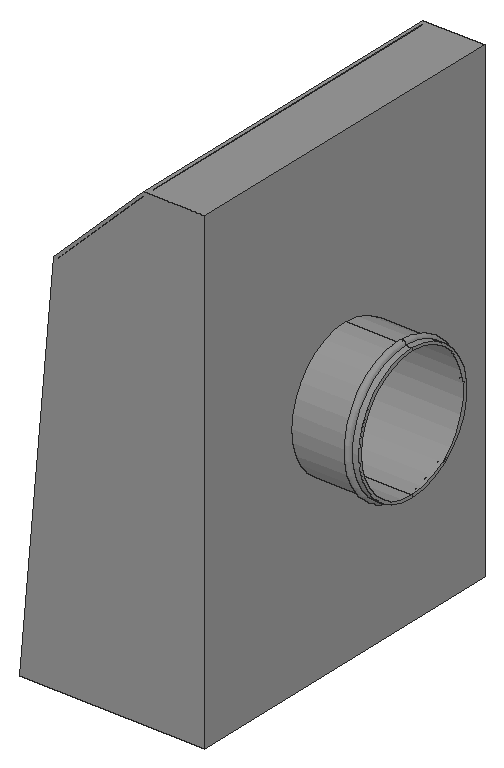
Revit family "ВЦН_ЕС_Eng", category Mechanical Equipment, Revit 2021
Family settings
  Round Connector Dimension = Use Diameter
  Classification = None
  Part Type = Normal
  Work Plane-Based = No
  Always vertical = Yes
  Cut with Voids When Loaded = No
  Shared = No
  Room Calculation Point = No
Parameters (values of type "VCN 100")
  Width = L  # 138 mm
  Weight = 3.82 kg
  Voltage = if(Number of Fase = 3, 400 V, 230 V)  # 230 V
  Temperature of moving air = "55 °C"
  Sound pressure level at 3 m distance = "54 dBA"
  Pressure_Static_Air [instance] = 0.0 Pa
  Power = 71 W
  Number of Fase = 1
  Maximum Air Flow = 325.0 m³/h
  Load Classification = "HVAC"
  Length = B  # 260 mm
  Height = H  # 355 mm
  Frequency = 50 Hz
  Diameter = D  # 100 mm
  Default Elevation = 0 mm
  Description = "External wall mounting"  # constant formula
  Manufacturer = "Vents"  # constant formula
  Horizon = if(L > 140 mm, (L - 32 mm) / 12 mm - 4, (L - 32 mm) / 12 mm)  # 9
  Vertical = (B1 - 28 mm) / (2 mm * 12)  # 10
  h = H / 2  # 177.5 mm
  b1 = B1 / 2  # 128 mm
  URL = "https://ventilation-system.com/series/vcn"
  R3 = R + 1.5 mm  # 51.5 mm
  R1 = R * 1.3  # 65 mm
  R = D / 2  # 50 mm
  Maintenance zone material = none
  L2 = L1 * 2  # 92 mm
  L1 = L / 3  # 46 mm
  L = 138 mm
  H = 355 mm
  Casing Material = Metal, painted, blue, matte RAL 5007
  D = 100 mm
  B1 = B - 4 mm  # 256 mm
  B = 260 mm
  Apparent Load = Voltage * Amperage  # 71.3 VA
  Amperage = 0.31 A
  Air Flow [instance] = 0.0 m³/h
  09_System_Name [instance] = ""
  00_20_Type = "VCN 100"
  00_20_Name = "Exhaust centrifugal fan"  # constant formula
  00_20_Manufacturer = "Vents"  # constant formula
Reference planes
  plane 1 "По центру (Вперед/Назад)": y = 0
  plane 2: z = 0
  plane 3 "По центру (Влево/Вправо)": x = 0
  plane 4: x = -138
  plane 5: z = 355
  plane 6: z = 177.5
Forms (mm)
  Extrusion 1, solid, material "Metal, painted, blue, matte RAL 5007" <- "Casing Material"
    sketch origin (0, 0, 0) x (1, 0, 0) y (0, 0, 1)
      loop
        line (0, 0) -> (0, 355) -> (-46, 355) -> (-112.784, 288.216) -> (-138, 0) -> (0, 0)
    from -130 to 130
  Extrusion 2, void
    sketch origin (0, 0, 0) x (1, 0, 0) y (0, 0, 1)
      loop
        line (-2, 2) -> (-2, 353) -> (-45.172, 353) -> (-110.855, 287.316) -> (-135.817, 2) -> (-2, 2)
    from -128 to 128
  Extrusion 3, void
    sketch origin (0, 0, 0) x (1, 0, 0) y (0, 1, 0)
      loop
        line (-121.082, 1) -> (-111.082, 1) -> (-111.082, 11) -> (-121.082, 11) -> (-121.082, 1)
    from 0 to 2
  Extrusion 4, void
    sketch origin (0, 12, 0) x (1, 0, 0) y (0, 1, 0)
      loop
        line (-121.082, 1) -> (-111.082, 1) -> (-111.082, 11) -> (-121.082, 11) -> (-121.082, 1)
    from 0 to 2
  Extrusion 5, void
    sketch origin (0, 24, 0) x (1, 0, 0) y (0, 1, 0)
      loop
        line (-121.082, 1) -> (-111.082, 1) -> (-111.082, 11) -> (-121.082, 11) -> (-121.082, 1)
    from 0 to 2
  Extrusion 6, void
    sketch origin (0, 36, 0) x (1, 0, 0) y (0, 1, 0)
      loop
        line (-121.082, 1) -> (-111.082, 1) -> (-111.082, 11) -> (-121.082, 11) -> (-121.082, 1)
    from 0 to 2
  Extrusion 7, void
    sketch origin (0, 48, 0) x (1, 0, 0) y (0, 1, 0)
      loop
        line (-121.082, 1) -> (-111.082, 1) -> (-111.082, 11) -> (-121.082, 11) -> (-121.082, 1)
    from 0 to 2
  Extrusion 8, void
    sketch origin (0, 60, 0) x (1, 0, 0) y (0, 1, 0)
      loop
        line (-121.082, 1) -> (-111.082, 1) -> (-111.082, 11) -> (-121.082, 11) -> (-121.082, 1)
    from 0 to 2
  Extrusion 9, void
    sketch origin (0, 72, 0) x (1, 0, 0) y (0, 1, 0)
      loop
        line (-121.082, 1) -> (-111.082, 1) -> (-111.082, 11) -> (-121.082, 11) -> (-121.082, 1)
    from 0 to 2
  Extrusion 10, void
    sketch origin (0, 84, 0) x (1, 0, 0) y (0, 1, 0)
      loop
        line (-121.082, 1) -> (-111.082, 1) -> (-111.082, 11) -> (-121.082, 11) -> (-121.082, 1)
    from 0 to 2
  Extrusion 11, void
    sketch origin (0, 96, 0) x (1, 0, 0) y (0, 1, 0)
      loop
        line (-121.082, 1) -> (-111.082, 1) -> (-111.082, 11) -> (-121.082, 11) -> (-121.082, 1)
    from 0 to 2
  Extrusion 12, void, not visible
    sketch origin (0, 0, 0) x (1, 0, 0) y (0, 1, 0)
      loop
        line (-121.082, 1) -> (-111.082, 1) -> (-111.082, 11) -> (-121.082, 11) -> (-121.082, 1)
    from 0 to 2
  Extrusion 13, void
    sketch origin (12, 0, 0) x (1, 0, 0) y (0, 1, 0)
      loop
        line (-121.082, 1) -> (-111.082, 1) -> (-111.082, 11) -> (-121.082, 11) -> (-121.082, 1)
    from 0 to 2
  Extrusion 14, void
    sketch origin (12, 12, 0) x (1, 0, 0) y (0, 1, 0)
      loop
        line (-121.082, 1) -> (-111.082, 1) -> (-111.082, 11) -> (-121.082, 11) -> (-121.082, 1)
    from 0 to 2
  Extrusion 15, void
    sketch origin (12, 24, 0) x (1, 0, 0) y (0, 1, 0)
      loop
        line (-121.082, 1) -> (-111.082, 1) -> (-111.082, 11) -> (-121.082, 11) -> (-121.082, 1)
    from 0 to 2
  Extrusion 16, void
    sketch origin (12, 36, 0) x (1, 0, 0) y (0, 1, 0)
      loop
        line (-121.082, 1) -> (-111.082, 1) -> (-111.082, 11) -> (-121.082, 11) -> (-121.082, 1)
    from 0 to 2
  Extrusion 17, void
    sketch origin (12, 48, 0) x (1, 0, 0) y (0, 1, 0)
      loop
        line (-121.082, 1) -> (-111.082, 1) -> (-111.082, 11) -> (-121.082, 11) -> (-121.082, 1)
    from 0 to 2
  Extrusion 18, void
    sketch origin (12, 60, 0) x (1, 0, 0) y (0, 1, 0)
      loop
        line (-121.082, 1) -> (-111.082, 1) -> (-111.082, 11) -> (-121.082, 11) -> (-121.082, 1)
    from 0 to 2
  Extrusion 19, void
    sketch origin (12, 72, 0) x (1, 0, 0) y (0, 1, 0)
      loop
        line (-121.082, 1) -> (-111.082, 1) -> (-111.082, 11) -> (-121.082, 11) -> (-121.082, 1)
    from 0 to 2
  Extrusion 20, void
    sketch origin (12, 84, 0) x (1, 0, 0) y (0, 1, 0)
      loop
        line (-121.082, 1) -> (-111.082, 1) -> (-111.082, 11) -> (-121.082, 11) -> (-121.082, 1)
    from 0 to 2
  Extrusion 21, void
    sketch origin (12, 96, 0) x (1, 0, 0) y (0, 1, 0)
      loop
        line (-121.082, 1) -> (-111.082, 1) -> (-111.082, 11) -> (-121.082, 11) -> (-121.082, 1)
    from 0 to 2
  Extrusion 22, void
    sketch origin (24, 0, 0) x (1, 0, 0) y (0, 1, 0)
      loop
        line (-121.082, 1) -> (-111.082, 1) -> (-111.082, 11) -> (-121.082, 11) -> (-121.082, 1)
    from 0 to 2
  Extrusion 23, void
    sketch origin (24, 12, 0) x (1, 0, 0) y (0, 1, 0)
      loop
        line (-121.082, 1) -> (-111.082, 1) -> (-111.082, 11) -> (-121.082, 11) -> (-121.082, 1)
    from 0 to 2
  Extrusion 24, void
    sketch origin (24, 24, 0) x (1, 0, 0) y (0, 1, 0)
      loop
        line (-121.082, 1) -> (-111.082, 1) -> (-111.082, 11) -> (-121.082, 11) -> (-121.082, 1)
    from 0 to 2
  Extrusion 25, void
    sketch origin (24, 36, 0) x (1, 0, 0) y (0, 1, 0)
      loop
        line (-121.082, 1) -> (-111.082, 1) -> (-111.082, 11) -> (-121.082, 11) -> (-121.082, 1)
    from 0 to 2
  Extrusion 26, void
    sketch origin (24, 48, 0) x (1, 0, 0) y (0, 1, 0)
      loop
        line (-121.082, 1) -> (-111.082, 1) -> (-111.082, 11) -> (-121.082, 11) -> (-121.082, 1)
    from 0 to 2
  Extrusion 27, void
    sketch origin (24, 60, 0) x (1, 0, 0) y (0, 1, 0)
      loop
        line (-121.082, 1) -> (-111.082, 1) -> (-111.082, 11) -> (-121.082, 11) -> (-121.082, 1)
    from 0 to 2
  Extrusion 28, void
    sketch origin (24, 72, 0) x (1, 0, 0) y (0, 1, 0)
      loop
        line (-121.082, 1) -> (-111.082, 1) -> (-111.082, 11) -> (-121.082, 11) -> (-121.082, 1)
    from 0 to 2
  Extrusion 29, void
    sketch origin (24, 84, 0) x (1, 0, 0) y (0, 1, 0)
      loop
        line (-121.082, 1) -> (-111.082, 1) -> (-111.082, 11) -> (-121.082, 11) -> (-121.082, 1)
    from 0 to 2
  Extrusion 30, void
    sketch origin (24, 96, 0) x (1, 0, 0) y (0, 1, 0)
      loop
        line (-121.082, 1) -> (-111.082, 1) -> (-111.082, 11) -> (-121.082, 11) -> (-121.082, 1)
    from 0 to 2
  Extrusion 31, void
    sketch origin (36, 0, 0) x (1, 0, 0) y (0, 1, 0)
      loop
        line (-121.082, 1) -> (-111.082, 1) -> (-111.082, 11) -> (-121.082, 11) -> (-121.082, 1)
    from 0 to 2
  Extrusion 32, void
    sketch origin (36, 12, 0) x (1, 0, 0) y (0, 1, 0)
      loop
        line (-121.082, 1) -> (-111.082, 1) -> (-111.082, 11) -> (-121.082, 11) -> (-121.082, 1)
    from 0 to 2
  Extrusion 33, void
    sketch origin (36, 24, 0) x (1, 0, 0) y (0, 1, 0)
      loop
        line (-121.082, 1) -> (-111.082, 1) -> (-111.082, 11) -> (-121.082, 11) -> (-121.082, 1)
    from 0 to 2
  Extrusion 34, void
    sketch origin (36, 36, 0) x (1, 0, 0) y (0, 1, 0)
      loop
        line (-121.082, 1) -> (-111.082, 1) -> (-111.082, 11) -> (-121.082, 11) -> (-121.082, 1)
    from 0 to 2
  Extrusion 35, void
    sketch origin (36, 48, 0) x (1, 0, 0) y (0, 1, 0)
      loop
        line (-121.082, 1) -> (-111.082, 1) -> (-111.082, 11) -> (-121.082, 11) -> (-121.082, 1)
    from 0 to 2
  Extrusion 36, void
    sketch origin (36, 60, 0) x (1, 0, 0) y (0, 1, 0)
      loop
        line (-121.082, 1) -> (-111.082, 1) -> (-111.082, 11) -> (-121.082, 11) -> (-121.082, 1)
    from 0 to 2
  Extrusion 37, void
    sketch origin (36, 72, 0) x (1, 0, 0) y (0, 1, 0)
      loop
        line (-121.082, 1) -> (-111.082, 1) -> (-111.082, 11) -> (-121.082, 11) -> (-121.082, 1)
    from 0 to 2
  Extrusion 38, void
    sketch origin (36, 84, 0) x (1, 0, 0) y (0, 1, 0)
      loop
        line (-121.082, 1) -> (-111.082, 1) -> (-111.082, 11) -> (-121.082, 11) -> (-121.082, 1)
    from 0 to 2
  Extrusion 39, void
    sketch origin (36, 96, 0) x (1, 0, 0) y (0, 1, 0)
      loop
        line (-121.082, 1) -> (-111.082, 1) -> (-111.082, 11) -> (-121.082, 11) -> (-121.082, 1)
    from 0 to 2
  Extrusion 40, void
    sketch origin (48, 0, 0) x (1, 0, 0) y (0, 1, 0)
      loop
        line (-121.082, 1) -> (-111.082, 1) -> (-111.082, 11) -> (-121.082, 11) -> (-121.082, 1)
    from 0 to 2
  Extrusion 41, void
    sketch origin (48, 12, 0) x (1, 0, 0) y (0, 1, 0)
      loop
        line (-121.082, 1) -> (-111.082, 1) -> (-111.082, 11) -> (-121.082, 11) -> (-121.082, 1)
    from 0 to 2
  Extrusion 42, void
    sketch origin (48, 24, 0) x (1, 0, 0) y (0, 1, 0)
      loop
        line (-121.082, 1) -> (-111.082, 1) -> (-111.082, 11) -> (-121.082, 11) -> (-121.082, 1)
    from 0 to 2
  Extrusion 43, void
    sketch origin (48, 36, 0) x (1, 0, 0) y (0, 1, 0)
      loop
        line (-121.082, 1) -> (-111.082, 1) -> (-111.082, 11) -> (-121.082, 11) -> (-121.082, 1)
    from 0 to 2
  Extrusion 44, void
    sketch origin (48, 48, 0) x (1, 0, 0) y (0, 1, 0)
      loop
        line (-121.082, 1) -> (-111.082, 1) -> (-111.082, 11) -> (-121.082, 11) -> (-121.082, 1)
    from 0 to 2
  Extrusion 45, void
    sketch origin (48, 60, 0) x (1, 0, 0) y (0, 1, 0)
      loop
        line (-121.082, 1) -> (-111.082, 1) -> (-111.082, 11) -> (-121.082, 11) -> (-121.082, 1)
    from 0 to 2
  Extrusion 46, void
    sketch origin (48, 72, 0) x (1, 0, 0) y (0, 1, 0)
      loop
        line (-121.082, 1) -> (-111.082, 1) -> (-111.082, 11) -> (-121.082, 11) -> (-121.082, 1)
    from 0 to 2
  Extrusion 47, void
    sketch origin (48, 84, 0) x (1, 0, 0) y (0, 1, 0)
      loop
        line (-121.082, 1) -> (-111.082, 1) -> (-111.082, 11) -> (-121.082, 11) -> (-121.082, 1)
    from 0 to 2
  Extrusion 48, void
    sketch origin (48, 96, 0) x (1, 0, 0) y (0, 1, 0)
      loop
        line (-121.082, 1) -> (-111.082, 1) -> (-111.082, 11) -> (-121.082, 11) -> (-121.082, 1)
    from 0 to 2
  Extrusion 49, void
    sketch origin (60, 0, 0) x (1, 0, 0) y (0, 1, 0)
      loop
        line (-121.082, 1) -> (-111.082, 1) -> (-111.082, 11) -> (-121.082, 11) -> (-121.082, 1)
    from 0 to 2
  Extrusion 50, void
    sketch origin (60, 12, 0) x (1, 0, 0) y (0, 1, 0)
      loop
        line (-121.082, 1) -> (-111.082, 1) -> (-111.082, 11) -> (-121.082, 11) -> (-121.082, 1)
    from 0 to 2
  Extrusion 51, void
    sketch origin (60, 24, 0) x (1, 0, 0) y (0, 1, 0)
      loop
        line (-121.082, 1) -> (-111.082, 1) -> (-111.082, 11) -> (-121.082, 11) -> (-121.082, 1)
    from 0 to 2
  Extrusion 52, void
    sketch origin (60, 36, 0) x (1, 0, 0) y (0, 1, 0)
      loop
        line (-121.082, 1) -> (-111.082, 1) -> (-111.082, 11) -> (-121.082, 11) -> (-121.082, 1)
    from 0 to 2
  Extrusion 53, void
    sketch origin (60, 48, 0) x (1, 0, 0) y (0, 1, 0)
      loop
        line (-121.082, 1) -> (-111.082, 1) -> (-111.082, 11) -> (-121.082, 11) -> (-121.082, 1)
    from 0 to 2
  Extrusion 54, void
    sketch origin (60, 60, 0) x (1, 0, 0) y (0, 1, 0)
      loop
        line (-121.082, 1) -> (-111.082, 1) -> (-111.082, 11) -> (-121.082, 11) -> (-121.082, 1)
    from 0 to 2
  Extrusion 55, void
    sketch origin (60, 72, 0) x (1, 0, 0) y (0, 1, 0)
      loop
        line (-121.082, 1) -> (-111.082, 1) -> (-111.082, 11) -> (-121.082, 11) -> (-121.082, 1)
    from 0 to 2
  Extrusion 56, void
    sketch origin (60, 84, 0) x (1, 0, 0) y (0, 1, 0)
      loop
        line (-121.082, 1) -> (-111.082, 1) -> (-111.082, 11) -> (-121.082, 11) -> (-121.082, 1)
    from 0 to 2
  Extrusion 57, void
    sketch origin (60, 96, 0) x (1, 0, 0) y (0, 1, 0)
      loop
        line (-121.082, 1) -> (-111.082, 1) -> (-111.082, 11) -> (-121.082, 11) -> (-121.082, 1)
    from 0 to 2
  Extrusion 58, void
    sketch origin (72, 0, 0) x (1, 0, 0) y (0, 1, 0)
      loop
        line (-121.082, 1) -> (-111.082, 1) -> (-111.082, 11) -> (-121.082, 11) -> (-121.082, 1)
    from 0 to 2
  Extrusion 59, void
    sketch origin (72, 12, 0) x (1, 0, 0) y (0, 1, 0)
      loop
        line (-121.082, 1) -> (-111.082, 1) -> (-111.082, 11) -> (-121.082, 11) -> (-121.082, 1)
    from 0 to 2
  Extrusion 60, void
    sketch origin (72, 24, 0) x (1, 0, 0) y (0, 1, 0)
      loop
        line (-121.082, 1) -> (-111.082, 1) -> (-111.082, 11) -> (-121.082, 11) -> (-121.082, 1)
    from 0 to 2
  Extrusion 61, void
    sketch origin (72, 36, 0) x (1, 0, 0) y (0, 1, 0)
      loop
        line (-121.082, 1) -> (-111.082, 1) -> (-111.082, 11) -> (-121.082, 11) -> (-121.082, 1)
    from 0 to 2
  Extrusion 62, void
    sketch origin (72, 48, 0) x (1, 0, 0) y (0, 1, 0)
      loop
        line (-121.082, 1) -> (-111.082, 1) -> (-111.082, 11) -> (-121.082, 11) -> (-121.082, 1)
    from 0 to 2
  Extrusion 63, void
    sketch origin (72, 60, 0) x (1, 0, 0) y (0, 1, 0)
      loop
        line (-121.082, 1) -> (-111.082, 1) -> (-111.082, 11) -> (-121.082, 11) -> (-121.082, 1)
    from 0 to 2
  Extrusion 64, void
    sketch origin (72, 72, 0) x (1, 0, 0) y (0, 1, 0)
      loop
        line (-121.082, 1) -> (-111.082, 1) -> (-111.082, 11) -> (-121.082, 11) -> (-121.082, 1)
    from 0 to 2
  Extrusion 65, void
    sketch origin (72, 84, 0) x (1, 0, 0) y (0, 1, 0)
      loop
        line (-121.082, 1) -> (-111.082, 1) -> (-111.082, 11) -> (-121.082, 11) -> (-121.082, 1)
    from 0 to 2
  Extrusion 66, void
    sketch origin (72, 96, 0) x (1, 0, 0) y (0, 1, 0)
      loop
        line (-121.082, 1) -> (-111.082, 1) -> (-111.082, 11) -> (-121.082, 11) -> (-121.082, 1)
    from 0 to 2
  Extrusion 67, void
    sketch origin (84, 0, 0) x (1, 0, 0) y (0, 1, 0)
      loop
        line (-121.082, 1) -> (-111.082, 1) -> (-111.082, 11) -> (-121.082, 11) -> (-121.082, 1)
    from 0 to 2
  Extrusion 68, void
    sketch origin (84, 12, 0) x (1, 0, 0) y (0, 1, 0)
      loop
        line (-121.082, 1) -> (-111.082, 1) -> (-111.082, 11) -> (-121.082, 11) -> (-121.082, 1)
    from 0 to 2
  Extrusion 69, void
    sketch origin (84, 24, 0) x (1, 0, 0) y (0, 1, 0)
      loop
        line (-121.082, 1) -> (-111.082, 1) -> (-111.082, 11) -> (-121.082, 11) -> (-121.082, 1)
    from 0 to 2
  Extrusion 70, void
    sketch origin (84, 36, 0) x (1, 0, 0) y (0, 1, 0)
      loop
        line (-121.082, 1) -> (-111.082, 1) -> (-111.082, 11) -> (-121.082, 11) -> (-121.082, 1)
    from 0 to 2
  Extrusion 71, void
    sketch origin (84, 48, 0) x (1, 0, 0) y (0, 1, 0)
      loop
        line (-121.082, 1) -> (-111.082, 1) -> (-111.082, 11) -> (-121.082, 11) -> (-121.082, 1)
    from 0 to 2
  Extrusion 72, void
    sketch origin (84, 60, 0) x (1, 0, 0) y (0, 1, 0)
      loop
        line (-121.082, 1) -> (-111.082, 1) -> (-111.082, 11) -> (-121.082, 11) -> (-121.082, 1)
    from 0 to 2
  Extrusion 73, void
    sketch origin (84, 72, 0) x (1, 0, 0) y (0, 1, 0)
      loop
        line (-121.082, 1) -> (-111.082, 1) -> (-111.082, 11) -> (-121.082, 11) -> (-121.082, 1)
    from 0 to 2
  Extrusion 74, void
    sketch origin (84, 84, 0) x (1, 0, 0) y (0, 1, 0)
      loop
        line (-121.082, 1) -> (-111.082, 1) -> (-111.082, 11) -> (-121.082, 11) -> (-121.082, 1)
    from 0 to 2
  Extrusion 75, void
    sketch origin (84, 96, 0) x (1, 0, 0) y (0, 1, 0)
      loop
        line (-121.082, 1) -> (-111.082, 1) -> (-111.082, 11) -> (-121.082, 11) -> (-121.082, 1)
    from 0 to 2
  Extrusion 76, void
    sketch origin (0, 0, 0) x (1, 0, 0) y (0, 1, 0)
      loop
        line (-120.879, -0.994) -> (-120.879, -10.994) -> (-110.879, -10.994) -> (-110.879, -0.994) -> (-120.879, -0.994)
    from 0 to 2
  Extrusion 77, void
    sketch origin (12, 0, 0) x (1, 0, 0) y (0, 1, 0)
      loop
        line (-120.879, -0.994) -> (-120.879, -10.994) -> (-110.879, -10.994) -> (-110.879, -0.994) -> (-120.879, -0.994)
    from 0 to 2
  Extrusion 78, void
    sketch origin (24, 0, 0) x (1, 0, 0) y (0, 1, 0)
      loop
        line (-120.879, -0.994) -> (-120.879, -10.994) -> (-110.879, -10.994) -> (-110.879, -0.994) -> (-120.879, -0.994)
    from 0 to 2
  Extrusion 79, void
    sketch origin (36, 0, 0) x (1, 0, 0) y (0, 1, 0)
      loop
        line (-120.879, -0.994) -> (-120.879, -10.994) -> (-110.879, -10.994) -> (-110.879, -0.994) -> (-120.879, -0.994)
    from 0 to 2
  Extrusion 80, void
    sketch origin (48, 0, 0) x (1, 0, 0) y (0, 1, 0)
      loop
        line (-120.879, -0.994) -> (-120.879, -10.994) -> (-110.879, -10.994) -> (-110.879, -0.994) -> (-120.879, -0.994)
    from 0 to 2
  Extrusion 81, void
    sketch origin (60, 0, 0) x (1, 0, 0) y (0, 1, 0)
      loop
        line (-120.879, -0.994) -> (-120.879, -10.994) -> (-110.879, -10.994) -> (-110.879, -0.994) -> (-120.879, -0.994)
    from 0 to 2
  Extrusion 82, void
    sketch origin (72, 0, 0) x (1, 0, 0) y (0, 1, 0)
      loop
        line (-120.879, -0.994) -> (-120.879, -10.994) -> (-110.879, -10.994) -> (-110.879, -0.994) -> (-120.879, -0.994)
    from 0 to 2
  Extrusion 83, void
    sketch origin (84, 0, 0) x (1, 0, 0) y (0, 1, 0)
      loop
        line (-120.879, -0.994) -> (-120.879, -10.994) -> (-110.879, -10.994) -> (-110.879, -0.994) -> (-120.879, -0.994)
    from 0 to 2
  Extrusion 84, void, not visible
    sketch origin (0, 0, 0) x (1, 0, 0) y (0, 1, 0)
      loop
        line (-120.879, -0.994) -> (-120.879, -10.994) -> (-110.879, -10.994) -> (-110.879, -0.994) -> (-120.879, -0.994)
    from 0 to 2
  Extrusion 85, void
    sketch origin (0, -12, 0) x (1, 0, 0) y (0, 1, 0)
      loop
        line (-120.879, -0.994) -> (-120.879, -10.994) -> (-110.879, -10.994) -> (-110.879, -0.994) -> (-120.879, -0.994)
    from 0 to 2
  Extrusion 86, void
    sketch origin (12, -12, 0) x (1, 0, 0) y (0, 1, 0)
      loop
        line (-120.879, -0.994) -> (-120.879, -10.994) -> (-110.879, -10.994) -> (-110.879, -0.994) -> (-120.879, -0.994)
    from 0 to 2
  Extrusion 87, void
    sketch origin (24, -12, 0) x (1, 0, 0) y (0, 1, 0)
      loop
        line (-120.879, -0.994) -> (-120.879, -10.994) -> (-110.879, -10.994) -> (-110.879, -0.994) -> (-120.879, -0.994)
    from 0 to 2
  Extrusion 88, void
    sketch origin (36, -12, 0) x (1, 0, 0) y (0, 1, 0)
      loop
        line (-120.879, -0.994) -> (-120.879, -10.994) -> (-110.879, -10.994) -> (-110.879, -0.994) -> (-120.879, -0.994)
    from 0 to 2
  Extrusion 89, void
    sketch origin (48, -12, 0) x (1, 0, 0) y (0, 1, 0)
      loop
        line (-120.879, -0.994) -> (-120.879, -10.994) -> (-110.879, -10.994) -> (-110.879, -0.994) -> (-120.879, -0.994)
    from 0 to 2
  Extrusion 90, void
    sketch origin (60, -12, 0) x (1, 0, 0) y (0, 1, 0)
      loop
        line (-120.879, -0.994) -> (-120.879, -10.994) -> (-110.879, -10.994) -> (-110.879, -0.994) -> (-120.879, -0.994)
    from 0 to 2
  Extrusion 91, void
    sketch origin (72, -12, 0) x (1, 0, 0) y (0, 1, 0)
      loop
        line (-120.879, -0.994) -> (-120.879, -10.994) -> (-110.879, -10.994) -> (-110.879, -0.994) -> (-120.879, -0.994)
    from 0 to 2
  Extrusion 92, void
    sketch origin (84, -12, 0) x (1, 0, 0) y (0, 1, 0)
      loop
        line (-120.879, -0.994) -> (-120.879, -10.994) -> (-110.879, -10.994) -> (-110.879, -0.994) -> (-120.879, -0.994)
    from 0 to 2
  Extrusion 93, void
    sketch origin (0, -24, 0) x (1, 0, 0) y (0, 1, 0)
      loop
        line (-120.879, -0.994) -> (-120.879, -10.994) -> (-110.879, -10.994) -> (-110.879, -0.994) -> (-120.879, -0.994)
    from 0 to 2
  Extrusion 94, void
    sketch origin (12, -24, 0) x (1, 0, 0) y (0, 1, 0)
      loop
        line (-120.879, -0.994) -> (-120.879, -10.994) -> (-110.879, -10.994) -> (-110.879, -0.994) -> (-120.879, -0.994)
    from 0 to 2
  Extrusion 95, void
    sketch origin (24, -24, 0) x (1, 0, 0) y (0, 1, 0)
      loop
        line (-120.879, -0.994) -> (-120.879, -10.994) -> (-110.879, -10.994) -> (-110.879, -0.994) -> (-120.879, -0.994)
    from 0 to 2
  Extrusion 96, void
    sketch origin (36, -24, 0) x (1, 0, 0) y (0, 1, 0)
      loop
        line (-120.879, -0.994) -> (-120.879, -10.994) -> (-110.879, -10.994) -> (-110.879, -0.994) -> (-120.879, -0.994)
    from 0 to 2
  Extrusion 97, void
    sketch origin (48, -24, 0) x (1, 0, 0) y (0, 1, 0)
      loop
        line (-120.879, -0.994) -> (-120.879, -10.994) -> (-110.879, -10.994) -> (-110.879, -0.994) -> (-120.879, -0.994)
    from 0 to 2
  Extrusion 98, void
    sketch origin (60, -24, 0) x (1, 0, 0) y (0, 1, 0)
      loop
        line (-120.879, -0.994) -> (-120.879, -10.994) -> (-110.879, -10.994) -> (-110.879, -0.994) -> (-120.879, -0.994)
    from 0 to 2
  Extrusion 99, void
    sketch origin (72, -24, 0) x (1, 0, 0) y (0, 1, 0)
      loop
        line (-120.879, -0.994) -> (-120.879, -10.994) -> (-110.879, -10.994) -> (-110.879, -0.994) -> (-120.879, -0.994)
    from 0 to 2
  Extrusion 100, void
    sketch origin (84, -24, 0) x (1, 0, 0) y (0, 1, 0)
      loop
        line (-120.879, -0.994) -> (-120.879, -10.994) -> (-110.879, -10.994) -> (-110.879, -0.994) -> (-120.879, -0.994)
    from 0 to 2
  Extrusion 101, void
    sketch origin (0, -36, 0) x (1, 0, 0) y (0, 1, 0)
      loop
        line (-120.879, -0.994) -> (-120.879, -10.994) -> (-110.879, -10.994) -> (-110.879, -0.994) -> (-120.879, -0.994)
    from 0 to 2
  Extrusion 102, void
    sketch origin (12, -36, 0) x (1, 0, 0) y (0, 1, 0)
      loop
        line (-120.879, -0.994) -> (-120.879, -10.994) -> (-110.879, -10.994) -> (-110.879, -0.994) -> (-120.879, -0.994)
    from 0 to 2
  Extrusion 103, void
    sketch origin (24, -36, 0) x (1, 0, 0) y (0, 1, 0)
      loop
        line (-120.879, -0.994) -> (-120.879, -10.994) -> (-110.879, -10.994) -> (-110.879, -0.994) -> (-120.879, -0.994)
    from 0 to 2
  Extrusion 104, void
    sketch origin (36, -36, 0) x (1, 0, 0) y (0, 1, 0)
      loop
        line (-120.879, -0.994) -> (-120.879, -10.994) -> (-110.879, -10.994) -> (-110.879, -0.994) -> (-120.879, -0.994)
    from 0 to 2
  Extrusion 105, void
    sketch origin (48, -36, 0) x (1, 0, 0) y (0, 1, 0)
      loop
        line (-120.879, -0.994) -> (-120.879, -10.994) -> (-110.879, -10.994) -> (-110.879, -0.994) -> (-120.879, -0.994)
    from 0 to 2
  Extrusion 106, void
    sketch origin (60, -36, 0) x (1, 0, 0) y (0, 1, 0)
      loop
        line (-120.879, -0.994) -> (-120.879, -10.994) -> (-110.879, -10.994) -> (-110.879, -0.994) -> (-120.879, -0.994)
    from 0 to 2
  Extrusion 107, void
    sketch origin (72, -36, 0) x (1, 0, 0) y (0, 1, 0)
      loop
        line (-120.879, -0.994) -> (-120.879, -10.994) -> (-110.879, -10.994) -> (-110.879, -0.994) -> (-120.879, -0.994)
    from 0 to 2
  Extrusion 108, void
    sketch origin (84, -36, 0) x (1, 0, 0) y (0, 1, 0)
      loop
        line (-120.879, -0.994) -> (-120.879, -10.994) -> (-110.879, -10.994) -> (-110.879, -0.994) -> (-120.879, -0.994)
    from 0 to 2
  Extrusion 109, void
    sketch origin (0, -48, 0) x (1, 0, 0) y (0, 1, 0)
      loop
        line (-120.879, -0.994) -> (-120.879, -10.994) -> (-110.879, -10.994) -> (-110.879, -0.994) -> (-120.879, -0.994)
    from 0 to 2
  Extrusion 110, void
    sketch origin (12, -48, 0) x (1, 0, 0) y (0, 1, 0)
      loop
        line (-120.879, -0.994) -> (-120.879, -10.994) -> (-110.879, -10.994) -> (-110.879, -0.994) -> (-120.879, -0.994)
    from 0 to 2
  Extrusion 111, void
    sketch origin (24, -48, 0) x (1, 0, 0) y (0, 1, 0)
      loop
        line (-120.879, -0.994) -> (-120.879, -10.994) -> (-110.879, -10.994) -> (-110.879, -0.994) -> (-120.879, -0.994)
    from 0 to 2
  Extrusion 112, void
    sketch origin (36, -48, 0) x (1, 0, 0) y (0, 1, 0)
      loop
        line (-120.879, -0.994) -> (-120.879, -10.994) -> (-110.879, -10.994) -> (-110.879, -0.994) -> (-120.879, -0.994)
    from 0 to 2
  Extrusion 113, void
    sketch origin (48, -48, 0) x (1, 0, 0) y (0, 1, 0)
      loop
        line (-120.879, -0.994) -> (-120.879, -10.994) -> (-110.879, -10.994) -> (-110.879, -0.994) -> (-120.879, -0.994)
    from 0 to 2
  Extrusion 114, void
    sketch origin (60, -48, 0) x (1, 0, 0) y (0, 1, 0)
      loop
        line (-120.879, -0.994) -> (-120.879, -10.994) -> (-110.879, -10.994) -> (-110.879, -0.994) -> (-120.879, -0.994)
    from 0 to 2
  Extrusion 115, void
    sketch origin (72, -48, 0) x (1, 0, 0) y (0, 1, 0)
      loop
        line (-120.879, -0.994) -> (-120.879, -10.994) -> (-110.879, -10.994) -> (-110.879, -0.994) -> (-120.879, -0.994)
    from 0 to 2
  Extrusion 116, void
    sketch origin (84, -48, 0) x (1, 0, 0) y (0, 1, 0)
      loop
        line (-120.879, -0.994) -> (-120.879, -10.994) -> (-110.879, -10.994) -> (-110.879, -0.994) -> (-120.879, -0.994)
    from 0 to 2
  Extrusion 117, void
    sketch origin (0, -60, 0) x (1, 0, 0) y (0, 1, 0)
      loop
        line (-120.879, -0.994) -> (-120.879, -10.994) -> (-110.879, -10.994) -> (-110.879, -0.994) -> (-120.879, -0.994)
    from 0 to 2
  Extrusion 118, void
    sketch origin (12, -60, 0) x (1, 0, 0) y (0, 1, 0)
      loop
        line (-120.879, -0.994) -> (-120.879, -10.994) -> (-110.879, -10.994) -> (-110.879, -0.994) -> (-120.879, -0.994)
    from 0 to 2
  Extrusion 119, void
    sketch origin (24, -60, 0) x (1, 0, 0) y (0, 1, 0)
      loop
        line (-120.879, -0.994) -> (-120.879, -10.994) -> (-110.879, -10.994) -> (-110.879, -0.994) -> (-120.879, -0.994)
    from 0 to 2
  Extrusion 120, void
    sketch origin (36, -60, 0) x (1, 0, 0) y (0, 1, 0)
      loop
        line (-120.879, -0.994) -> (-120.879, -10.994) -> (-110.879, -10.994) -> (-110.879, -0.994) -> (-120.879, -0.994)
    from 0 to 2
  Extrusion 121, void
    sketch origin (48, -60, 0) x (1, 0, 0) y (0, 1, 0)
      loop
        line (-120.879, -0.994) -> (-120.879, -10.994) -> (-110.879, -10.994) -> (-110.879, -0.994) -> (-120.879, -0.994)
    from 0 to 2
  Extrusion 122, void
    sketch origin (60, -60, 0) x (1, 0, 0) y (0, 1, 0)
      loop
        line (-120.879, -0.994) -> (-120.879, -10.994) -> (-110.879, -10.994) -> (-110.879, -0.994) -> (-120.879, -0.994)
    from 0 to 2
  Extrusion 123, void
    sketch origin (72, -60, 0) x (1, 0, 0) y (0, 1, 0)
      loop
        line (-120.879, -0.994) -> (-120.879, -10.994) -> (-110.879, -10.994) -> (-110.879, -0.994) -> (-120.879, -0.994)
    from 0 to 2
  Extrusion 124, void
    sketch origin (84, -60, 0) x (1, 0, 0) y (0, 1, 0)
      loop
        line (-120.879, -0.994) -> (-120.879, -10.994) -> (-110.879, -10.994) -> (-110.879, -0.994) -> (-120.879, -0.994)
    from 0 to 2
  Extrusion 125, void
    sketch origin (0, -72, 0) x (1, 0, 0) y (0, 1, 0)
      loop
        line (-120.879, -0.994) -> (-120.879, -10.994) -> (-110.879, -10.994) -> (-110.879, -0.994) -> (-120.879, -0.994)
    from 0 to 2
  Extrusion 126, void
    sketch origin (12, -72, 0) x (1, 0, 0) y (0, 1, 0)
      loop
        line (-120.879, -0.994) -> (-120.879, -10.994) -> (-110.879, -10.994) -> (-110.879, -0.994) -> (-120.879, -0.994)
    from 0 to 2
  Extrusion 127, void
    sketch origin (24, -72, 0) x (1, 0, 0) y (0, 1, 0)
      loop
        line (-120.879, -0.994) -> (-120.879, -10.994) -> (-110.879, -10.994) -> (-110.879, -0.994) -> (-120.879, -0.994)
    from 0 to 2
  Extrusion 128, void
    sketch origin (36, -72, 0) x (1, 0, 0) y (0, 1, 0)
      loop
        line (-120.879, -0.994) -> (-120.879, -10.994) -> (-110.879, -10.994) -> (-110.879, -0.994) -> (-120.879, -0.994)
    from 0 to 2
  Extrusion 129, void
    sketch origin (48, -72, 0) x (1, 0, 0) y (0, 1, 0)
      loop
        line (-120.879, -0.994) -> (-120.879, -10.994) -> (-110.879, -10.994) -> (-110.879, -0.994) -> (-120.879, -0.994)
    from 0 to 2
  Extrusion 130, void
    sketch origin (60, -72, 0) x (1, 0, 0) y (0, 1, 0)
      loop
        line (-120.879, -0.994) -> (-120.879, -10.994) -> (-110.879, -10.994) -> (-110.879, -0.994) -> (-120.879, -0.994)
    from 0 to 2
  Extrusion 131, void
    sketch origin (72, -72, 0) x (1, 0, 0) y (0, 1, 0)
      loop
        line (-120.879, -0.994) -> (-120.879, -10.994) -> (-110.879, -10.994) -> (-110.879, -0.994) -> (-120.879, -0.994)
    from 0 to 2
  Extrusion 132, void
    sketch origin (84, -72, 0) x (1, 0, 0) y (0, 1, 0)
      loop
        line (-120.879, -0.994) -> (-120.879, -10.994) -> (-110.879, -10.994) -> (-110.879, -0.994) -> (-120.879, -0.994)
    from 0 to 2
  Extrusion 133, void
    sketch origin (0, -84, 0) x (1, 0, 0) y (0, 1, 0)
      loop
        line (-120.879, -0.994) -> (-120.879, -10.994) -> (-110.879, -10.994) -> (-110.879, -0.994) -> (-120.879, -0.994)
    from 0 to 2
  Extrusion 134, void
    sketch origin (12, -84, 0) x (1, 0, 0) y (0, 1, 0)
      loop
        line (-120.879, -0.994) -> (-120.879, -10.994) -> (-110.879, -10.994) -> (-110.879, -0.994) -> (-120.879, -0.994)
    from 0 to 2
  Extrusion 135, void
    sketch origin (24, -84, 0) x (1, 0, 0) y (0, 1, 0)
      loop
        line (-120.879, -0.994) -> (-120.879, -10.994) -> (-110.879, -10.994) -> (-110.879, -0.994) -> (-120.879, -0.994)
    from 0 to 2
  Extrusion 136, void
    sketch origin (36, -84, 0) x (1, 0, 0) y (0, 1, 0)
      loop
        line (-120.879, -0.994) -> (-120.879, -10.994) -> (-110.879, -10.994) -> (-110.879, -0.994) -> (-120.879, -0.994)
    from 0 to 2
  Extrusion 137, void
    sketch origin (48, -84, 0) x (1, 0, 0) y (0, 1, 0)
      loop
        line (-120.879, -0.994) -> (-120.879, -10.994) -> (-110.879, -10.994) -> (-110.879, -0.994) -> (-120.879, -0.994)
    from 0 to 2
  Extrusion 138, void
    sketch origin (60, -84, 0) x (1, 0, 0) y (0, 1, 0)
      loop
        line (-120.879, -0.994) -> (-120.879, -10.994) -> (-110.879, -10.994) -> (-110.879, -0.994) -> (-120.879, -0.994)
    from 0 to 2
  Extrusion 139, void
    sketch origin (72, -84, 0) x (1, 0, 0) y (0, 1, 0)
      loop
        line (-120.879, -0.994) -> (-120.879, -10.994) -> (-110.879, -10.994) -> (-110.879, -0.994) -> (-120.879, -0.994)
    from 0 to 2
  Extrusion 140, void
    sketch origin (84, -84, 0) x (1, 0, 0) y (0, 1, 0)
      loop
        line (-120.879, -0.994) -> (-120.879, -10.994) -> (-110.879, -10.994) -> (-110.879, -0.994) -> (-120.879, -0.994)
    from 0 to 2
  Extrusion 141, void
    sketch origin (0, -96, 0) x (1, 0, 0) y (0, 1, 0)
      loop
        line (-120.879, -0.994) -> (-120.879, -10.994) -> (-110.879, -10.994) -> (-110.879, -0.994) -> (-120.879, -0.994)
    from 0 to 2
  Extrusion 142, void
    sketch origin (12, -96, 0) x (1, 0, 0) y (0, 1, 0)
      loop
        line (-120.879, -0.994) -> (-120.879, -10.994) -> (-110.879, -10.994) -> (-110.879, -0.994) -> (-120.879, -0.994)
    from 0 to 2
  Extrusion 143, void
    sketch origin (24, -96, 0) x (1, 0, 0) y (0, 1, 0)
      loop
        line (-120.879, -0.994) -> (-120.879, -10.994) -> (-110.879, -10.994) -> (-110.879, -0.994) -> (-120.879, -0.994)
    from 0 to 2
  Extrusion 144, void
    sketch origin (36, -96, 0) x (1, 0, 0) y (0, 1, 0)
      loop
        line (-120.879, -0.994) -> (-120.879, -10.994) -> (-110.879, -10.994) -> (-110.879, -0.994) -> (-120.879, -0.994)
    from 0 to 2
  Extrusion 145, void
    sketch origin (48, -96, 0) x (1, 0, 0) y (0, 1, 0)
      loop
        line (-120.879, -0.994) -> (-120.879, -10.994) -> (-110.879, -10.994) -> (-110.879, -0.994) -> (-120.879, -0.994)
    from 0 to 2
  Extrusion 146, void
    sketch origin (60, -96, 0) x (1, 0, 0) y (0, 1, 0)
      loop
        line (-120.879, -0.994) -> (-120.879, -10.994) -> (-110.879, -10.994) -> (-110.879, -0.994) -> (-120.879, -0.994)
    from 0 to 2
  Extrusion 147, void
    sketch origin (72, -96, 0) x (1, 0, 0) y (0, 1, 0)
      loop
        line (-120.879, -0.994) -> (-120.879, -10.994) -> (-110.879, -10.994) -> (-110.879, -0.994) -> (-120.879, -0.994)
    from 0 to 2
  Extrusion 148, void
    sketch origin (84, -96, 0) x (1, 0, 0) y (0, 1, 0)
      loop
        line (-120.879, -0.994) -> (-120.879, -10.994) -> (-110.879, -10.994) -> (-110.879, -0.994) -> (-120.879, -0.994)
    from 0 to 2
  Extrusion 149, void
    sketch origin (0, 0, 0) x (0, 1, 0) y (0, 0, 1)
      loop
        circle (0, 177.5) r 50
    from 0 to -2
  Revolve 150, solid, material "Metal, painted, blue, matte RAL 5007" <- "Casing Material"
    sketch origin (0, 0, 0) x (1, 0, 0) y (0, 0, 1)
      loop
        line (-92, 177.5) -> (-92, 112.5) -> (-23.14, 112.5) -> (-23.14, 127.5) -> (50, 127.5) -> (50, 129.5) -> (-25.14, 129.5) -> (-25.14, 114.5) -> (-90, 114.5) -> (-90, 147.5) -> (-51.766, 147.5)
        arc (-51.766, 147.5) -> (-43.446, 150.946) -> (-40, 159.266) r 11.766
        line (-40, 159.266) -> (-40, 177.5) -> (-92, 177.5)
      axis (-92, 177.5) -> (50, 177.5)
    angle from 0 to 360
  Revolve 151, solid, material "Каучук, черный"
    sketch origin (0, 0, 0) x (1, 0, 0) y (0, 0, 1)
      loop
        line (40, 227.5) -> (45, 227.5)
        arc (45, 227.5) -> (42.5, 230) -> (40, 227.5) r 2.5
      axis (40, 177.5) -> (45, 177.5)
    angle from 0 to 360
  Extrusion 152, void
    sketch origin (0, 108, 0) x (1, 0, 0) y (0, 1, 0)
      loop
        line (-121.082, 1) -> (-111.082, 1) -> (-111.082, 11) -> (-121.082, 11) -> (-121.082, 1)
    from 0 to 2
  Extrusion 153, void
    sketch origin (12, 108, 0) x (1, 0, 0) y (0, 1, 0)
      loop
        line (-121.082, 1) -> (-111.082, 1) -> (-111.082, 11) -> (-121.082, 11) -> (-121.082, 1)
    from 0 to 2
  Extrusion 154, void
    sketch origin (24, 108, 0) x (1, 0, 0) y (0, 1, 0)
      loop
        line (-121.082, 1) -> (-111.082, 1) -> (-111.082, 11) -> (-121.082, 11) -> (-121.082, 1)
    from 0 to 2
  Extrusion 155, void
    sketch origin (36, 108, 0) x (1, 0, 0) y (0, 1, 0)
      loop
        line (-121.082, 1) -> (-111.082, 1) -> (-111.082, 11) -> (-121.082, 11) -> (-121.082, 1)
    from 0 to 2
  Extrusion 156, void
    sketch origin (48, 108, 0) x (1, 0, 0) y (0, 1, 0)
      loop
        line (-121.082, 1) -> (-111.082, 1) -> (-111.082, 11) -> (-121.082, 11) -> (-121.082, 1)
    from 0 to 2
  Extrusion 157, void
    sketch origin (60, 108, 0) x (1, 0, 0) y (0, 1, 0)
      loop
        line (-121.082, 1) -> (-111.082, 1) -> (-111.082, 11) -> (-121.082, 11) -> (-121.082, 1)
    from 0 to 2
  Extrusion 158, void
    sketch origin (72, 108, 0) x (1, 0, 0) y (0, 1, 0)
      loop
        line (-121.082, 1) -> (-111.082, 1) -> (-111.082, 11) -> (-121.082, 11) -> (-121.082, 1)
    from 0 to 2
  Extrusion 159, void
    sketch origin (84, 108, 0) x (1, 0, 0) y (0, 1, 0)
      loop
        line (-121.082, 1) -> (-111.082, 1) -> (-111.082, 11) -> (-121.082, 11) -> (-121.082, 1)
    from 0 to 2
  Extrusion 160, void
    sketch origin (0, -108, 0) x (1, 0, 0) y (0, 1, 0)
      loop
        line (-120.879, -0.994) -> (-120.879, -10.994) -> (-110.879, -10.994) -> (-110.879, -0.994) -> (-120.879, -0.994)
    from 0 to 2
  Extrusion 161, void
    sketch origin (12, -108, 0) x (1, 0, 0) y (0, 1, 0)
      loop
        line (-120.879, -0.994) -> (-120.879, -10.994) -> (-110.879, -10.994) -> (-110.879, -0.994) -> (-120.879, -0.994)
    from 0 to 2
  Extrusion 162, void
    sketch origin (24, -108, 0) x (1, 0, 0) y (0, 1, 0)
      loop
        line (-120.879, -0.994) -> (-120.879, -10.994) -> (-110.879, -10.994) -> (-110.879, -0.994) -> (-120.879, -0.994)
    from 0 to 2
  Extrusion 163, void
    sketch origin (36, -108, 0) x (1, 0, 0) y (0, 1, 0)
      loop
        line (-120.879, -0.994) -> (-120.879, -10.994) -> (-110.879, -10.994) -> (-110.879, -0.994) -> (-120.879, -0.994)
    from 0 to 2
  Extrusion 164, void
    sketch origin (48, -108, 0) x (1, 0, 0) y (0, 1, 0)
      loop
        line (-120.879, -0.994) -> (-120.879, -10.994) -> (-110.879, -10.994) -> (-110.879, -0.994) -> (-120.879, -0.994)
    from 0 to 2
  Extrusion 165, void
    sketch origin (60, -108, 0) x (1, 0, 0) y (0, 1, 0)
      loop
        line (-120.879, -0.994) -> (-120.879, -10.994) -> (-110.879, -10.994) -> (-110.879, -0.994) -> (-120.879, -0.994)
    from 0 to 2
  Extrusion 166, void
    sketch origin (72, -108, 0) x (1, 0, 0) y (0, 1, 0)
      loop
        line (-120.879, -0.994) -> (-120.879, -10.994) -> (-110.879, -10.994) -> (-110.879, -0.994) -> (-120.879, -0.994)
    from 0 to 2
  Extrusion 167, void
    sketch origin (84, -108, 0) x (1, 0, 0) y (0, 1, 0)
      loop
        line (-120.879, -0.994) -> (-120.879, -10.994) -> (-110.879, -10.994) -> (-110.879, -0.994) -> (-120.879, -0.994)
    from 0 to 2
  Extrusion 168, void
    sketch origin (96, 0, 0) x (1, 0, 0) y (0, 1, 0)
      loop
        line (-120.879, -0.994) -> (-120.879, -10.994) -> (-110.879, -10.994) -> (-110.879, -0.994) -> (-120.879, -0.994)
    from 0 to 2
  Extrusion 169, void
    sketch origin (96, -12, 0) x (1, 0, 0) y (0, 1, 0)
      loop
        line (-120.879, -0.994) -> (-120.879, -10.994) -> (-110.879, -10.994) -> (-110.879, -0.994) -> (-120.879, -0.994)
    from 0 to 2
  Extrusion 170, void
    sketch origin (96, -24, 0) x (1, 0, 0) y (0, 1, 0)
      loop
        line (-120.879, -0.994) -> (-120.879, -10.994) -> (-110.879, -10.994) -> (-110.879, -0.994) -> (-120.879, -0.994)
    from 0 to 2
  Extrusion 171, void
    sketch origin (96, -36, 0) x (1, 0, 0) y (0, 1, 0)
      loop
        line (-120.879, -0.994) -> (-120.879, -10.994) -> (-110.879, -10.994) -> (-110.879, -0.994) -> (-120.879, -0.994)
    from 0 to 2
  Extrusion 172, void
    sketch origin (96, -48, 0) x (1, 0, 0) y (0, 1, 0)
      loop
        line (-120.879, -0.994) -> (-120.879, -10.994) -> (-110.879, -10.994) -> (-110.879, -0.994) -> (-120.879, -0.994)
    from 0 to 2
  Extrusion 173, void
    sketch origin (96, -60, 0) x (1, 0, 0) y (0, 1, 0)
      loop
        line (-120.879, -0.994) -> (-120.879, -10.994) -> (-110.879, -10.994) -> (-110.879, -0.994) -> (-120.879, -0.994)
    from 0 to 2
  Extrusion 174, void
    sketch origin (96, -72, 0) x (1, 0, 0) y (0, 1, 0)
      loop
        line (-120.879, -0.994) -> (-120.879, -10.994) -> (-110.879, -10.994) -> (-110.879, -0.994) -> (-120.879, -0.994)
    from 0 to 2
  Extrusion 175, void
    sketch origin (96, -84, 0) x (1, 0, 0) y (0, 1, 0)
      loop
        line (-120.879, -0.994) -> (-120.879, -10.994) -> (-110.879, -10.994) -> (-110.879, -0.994) -> (-120.879, -0.994)
    from 0 to 2
  Extrusion 176, void
    sketch origin (96, -96, 0) x (1, 0, 0) y (0, 1, 0)
      loop
        line (-120.879, -0.994) -> (-120.879, -10.994) -> (-110.879, -10.994) -> (-110.879, -0.994) -> (-120.879, -0.994)
    from 0 to 2
  Extrusion 177, void
    sketch origin (96, -108, 0) x (1, 0, 0) y (0, 1, 0)
      loop
        line (-120.879, -0.994) -> (-120.879, -10.994) -> (-110.879, -10.994) -> (-110.879, -0.994) -> (-120.879, -0.994)
    from 0 to 2
  Extrusion 178, void
    sketch origin (96, 0, 0) x (1, 0, 0) y (0, 1, 0)
      loop
        line (-121.082, 1) -> (-111.082, 1) -> (-111.082, 11) -> (-121.082, 11) -> (-121.082, 1)
    from 0 to 2
  Extrusion 179, void
    sketch origin (96, 12, 0) x (1, 0, 0) y (0, 1, 0)
      loop
        line (-121.082, 1) -> (-111.082, 1) -> (-111.082, 11) -> (-121.082, 11) -> (-121.082, 1)
    from 0 to 2
  Extrusion 180, void
    sketch origin (96, 24, 0) x (1, 0, 0) y (0, 1, 0)
      loop
        line (-121.082, 1) -> (-111.082, 1) -> (-111.082, 11) -> (-121.082, 11) -> (-121.082, 1)
    from 0 to 2
  Extrusion 181, void
    sketch origin (96, 36, 0) x (1, 0, 0) y (0, 1, 0)
      loop
        line (-121.082, 1) -> (-111.082, 1) -> (-111.082, 11) -> (-121.082, 11) -> (-121.082, 1)
    from 0 to 2
  Extrusion 182, void
    sketch origin (96, 48, 0) x (1, 0, 0) y (0, 1, 0)
      loop
        line (-121.082, 1) -> (-111.082, 1) -> (-111.082, 11) -> (-121.082, 11) -> (-121.082, 1)
    from 0 to 2
  Extrusion 183, void
    sketch origin (96, 60, 0) x (1, 0, 0) y (0, 1, 0)
      loop
        line (-121.082, 1) -> (-111.082, 1) -> (-111.082, 11) -> (-121.082, 11) -> (-121.082, 1)
    from 0 to 2
  Extrusion 184, void
    sketch origin (96, 72, 0) x (1, 0, 0) y (0, 1, 0)
      loop
        line (-121.082, 1) -> (-111.082, 1) -> (-111.082, 11) -> (-121.082, 11) -> (-121.082, 1)
    from 0 to 2
  Extrusion 185, void
    sketch origin (96, 84, 0) x (1, 0, 0) y (0, 1, 0)
      loop
        line (-121.082, 1) -> (-111.082, 1) -> (-111.082, 11) -> (-121.082, 11) -> (-121.082, 1)
    from 0 to 2
  Extrusion 186, void
    sketch origin (96, 96, 0) x (1, 0, 0) y (0, 1, 0)
      loop
        line (-121.082, 1) -> (-111.082, 1) -> (-111.082, 11) -> (-121.082, 11) -> (-121.082, 1)
    from 0 to 2
  Extrusion 187, void
    sketch origin (96, 108, 0) x (1, 0, 0) y (0, 1, 0)
      loop
        line (-121.082, 1) -> (-111.082, 1) -> (-111.082, 11) -> (-121.082, 11) -> (-121.082, 1)
    from 0 to 2
Cuts and joins
  Extrusion 2, Extrusion 3, Extrusion 4, Extrusion 5, Extrusion 6, Extrusion 7, Extrusion 8, Extrusion 9, Extrusion 10, Extrusion 11, Extrusion 13, Extrusion 14, Extrusion 15, Extrusion 16, Extrusion 17, Extrusion 18, Extrusion 19, Extrusion 20, Extrusion 21, Extrusion 22, Extrusion 23, Extrusion 24, Extrusion 25, Extrusion 26, Extrusion 27, Extrusion 28, Extrusion 29, Extrusion 30, Extrusion 31, Extrusion 32, Extrusion 33, Extrusion 34, Extrusion 35, Extrusion 36, Extrusion 37, Extrusion 38, Extrusion 39, Extrusion 40, Extrusion 41, Extrusion 42, Extrusion 43, Extrusion 44, Extrusion 45, Extrusion 46, Extrusion 47, Extrusion 48, Extrusion 49, Extrusion 50, Extrusion 51, Extrusion 52, Extrusion 53, Extrusion 54, Extrusion 55, Extrusion 56, Extrusion 57, Extrusion 58, Extrusion 59, Extrusion 60, Extrusion 61, Extrusion 62, Extrusion 63, Extrusion 64, Extrusion 65, Extrusion 66, Extrusion 67, Extrusion 68, Extrusion 69, Extrusion 70, Extrusion 71, Extrusion 72, Extrusion 73, Extrusion 74, Extrusion 75, Extrusion 76, Extrusion 77, Extrusion 78, Extrusion 79, Extrusion 80, Extrusion 81, Extrusion 82, Extrusion 83, Extrusion 85, Extrusion 86, Extrusion 87, Extrusion 88, Extrusion 89, Extrusion 90, Extrusion 91, Extrusion 92, Extrusion 93, Extrusion 94, Extrusion 95, Extrusion 96, Extrusion 97, Extrusion 98, Extrusion 99, Extrusion 100, Extrusion 101, Extrusion 102, Extrusion 103, Extrusion 104, Extrusion 105, Extrusion 106, Extrusion 107, Extrusion 108, Extrusion 109, Extrusion 110, Extrusion 111, Extrusion 112, Extrusion 113, Extrusion 114, Extrusion 115, Extrusion 116, Extrusion 117, Extrusion 118, Extrusion 119, Extrusion 120, Extrusion 121, Extrusion 122, Extrusion 123, Extrusion 124, Extrusion 125, Extrusion 126, Extrusion 127, Extrusion 128, Extrusion 129, Extrusion 130, Extrusion 131, Extrusion 132, Extrusion 133, Extrusion 134, Extrusion 135, Extrusion 136, Extrusion 137, Extrusion 138, Extrusion 139, Extrusion 140, Extrusion 141, Extrusion 142, Extrusion 143, Extrusion 144, Extrusion 145, Extrusion 146, Extrusion 147, Extrusion 148, Extrusion 149, Extrusion 152, Extrusion 153, Extrusion 154, Extrusion 155, Extrusion 156, Extrusion 157, Extrusion 158, Extrusion 159, Extrusion 160, Extrusion 161, Extrusion 162, Extrusion 163, Extrusion 164, Extrusion 165, Extrusion 166, Extrusion 167, Extrusion 168, Extrusion 169, Extrusion 170, Extrusion 171, Extrusion 172, Extrusion 173, Extrusion 174, Extrusion 175, Extrusion 176, Extrusion 177, Extrusion 178, Extrusion 179, Extrusion 180, Extrusion 181, Extrusion 182, Extrusion 183, Extrusion 184, Extrusion 185, Extrusion 186, Extrusion 187 cuts Extrusion 1
Dimensions and locks
  "H": plane 5 to level
  "L": plane 3 "По центру (Влево/Вправо)" to plane 4
  "L1": Extrusion 1 sketch curve to Extrusion 1 sketch curve
  equal spacing: Extrusion 1, plane 1 "По центру (Вперед/Назад)", Extrusion 1
  "B": Extrusion 1 to Extrusion 1
  locked: Extrusion 1 to Extrusion 2 sketch curve at 2  (x4)
  locked: Extrusion 2 sketch curve to Extrusion 1 at 2
  equal spacing: cut or joined group 1 (Extrusion 1, Extrusion 2, Extrusion 3, Extrusion 4, Extrusion 5, Extrusion 6, Extrusion 7, Extrusion 8, Extrusion 9, Extrusion 10, Extrusion 11, Extrusion 13, Extrusion 14, Extrusion 15, Extrusion 16, Extrusion 17, Extrusion 18, Extrusion 19, Extrusion 20, Extrusion 21, Extrusion 22, Extrusion 23, Extrusion 24, Extrusion 25, Extrusion 26, Extrusion 27, Extrusion 28, Extrusion 29, Extrusion 30, Extrusion 31, Extrusion 32, Extrusion 33, Extrusion 34, Extrusion 35, Extrusion 36, Extrusion 37, Extrusion 38, Extrusion 39, Extrusion 40, Extrusion 41, Extrusion 42, Extrusion 43, Extrusion 44, Extrusion 45, Extrusion 46, Extrusion 47, Extrusion 48, Extrusion 49, Extrusion 50, Extrusion 51, Extrusion 52, Extrusion 53, Extrusion 54, Extrusion 55, Extrusion 56, Extrusion 57, Extrusion 58, Extrusion 59, Extrusion 60, Extrusion 61, Extrusion 62, Extrusion 63, Extrusion 64, Extrusion 65, Extrusion 66, Extrusion 67, Extrusion 68, Extrusion 69, Extrusion 70, Extrusion 71, Extrusion 72, Extrusion 73, Extrusion 74, Extrusion 75, Extrusion 76, Extrusion 77, Extrusion 78, Extrusion 79, Extrusion 80, Extrusion 81, Extrusion 82, Extrusion 83, Extrusion 85, Extrusion 86, Extrusion 87, Extrusion 88, Extrusion 89, Extrusion 90, Extrusion 91, Extrusion 92, Extrusion 93, Extrusion 94, Extrusion 95, Extrusion 96, Extrusion 97, Extrusion 98, Extrusion 99, Extrusion 100, Extrusion 101, Extrusion 102, Extrusion 103, Extrusion 104, Extrusion 105, Extrusion 106, Extrusion 107, Extrusion 108, Extrusion 109, Extrusion 110, Extrusion 111, Extrusion 112, Extrusion 113, Extrusion 114, Extrusion 115, Extrusion 116, Extrusion 117, Extrusion 118, Extrusion 119, Extrusion 120, Extrusion 121, Extrusion 122, Extrusion 123, Extrusion 124, Extrusion 125, Extrusion 126, Extrusion 127, Extrusion 128, Extrusion 129, Extrusion 130, Extrusion 131, Extrusion 132, Extrusion 133, Extrusion 134, Extrusion 135, Extrusion 136, Extrusion 137, Extrusion 138, Extrusion 139, Extrusion 140, Extrusion 141, Extrusion 142, Extrusion 143, Extrusion 144, Extrusion 145, Extrusion 146, Extrusion 147, Extrusion 148, Extrusion 149, Extrusion 152, Extrusion 153, Extrusion 154, Extrusion 155, Extrusion 156, Extrusion 157, Extrusion 158, Extrusion 159, Extrusion 160, Extrusion 161, Extrusion 162, Extrusion 163, Extrusion 164, Extrusion 165, Extrusion 166, Extrusion 167, Extrusion 168, Extrusion 169, Extrusion 170, Extrusion 171, Extrusion 172, Extrusion 173, Extrusion 174, Extrusion 175, Extrusion 176, Extrusion 177, Extrusion 178, Extrusion 179, Extrusion 180, Extrusion 181, Extrusion 182, Extrusion 183, Extrusion 184, Extrusion 185, Extrusion 186, Extrusion 187), plane 1 "По центру (Вперед/Назад)", cut or joined group 1
